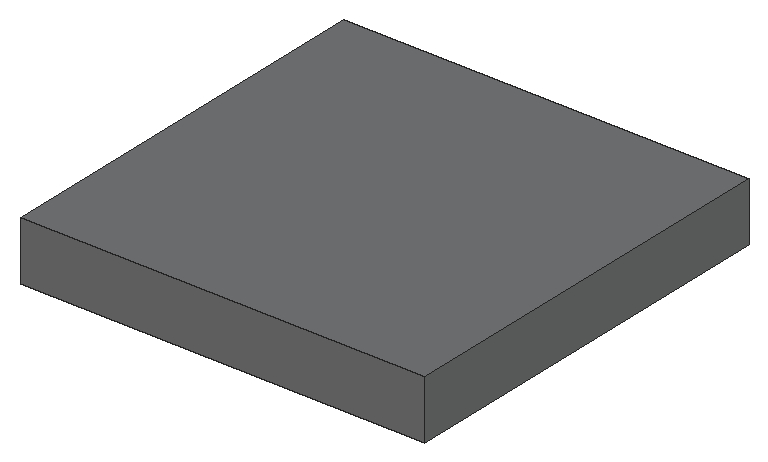
Revit family "Gira_028503", category Electrical Fixtures, host Face, Revit 2017
Family settings
  Host = Face
  Maintain Annotation Orientation = No
  Round Connector Dimension = Use Diameter
  Part Type = Normal
  Cut with Voids When Loaded = No
  Shared = No
  Room Calculation Point = No
Parameters (values of type "Rocker sym.light System 55 p.white")
  With exchangeable lens/symbol = "No"
  URL = "http://katalog.gira.de/en/datenblatt.html?artikelnr=028503"
  Suitable for touch sensor connector for bus system = "No"
  Scannable symbol / barrier free = "No"
  Name = "Rocker sym.light System 55 p.white"
  Monitoring window/light outlet = "No"
  Model = "Single rocker"
  Manufacturer URL = "https://www.gira.de/"
  Manufacturer = "Gira"
  Keynote = ""
  HeinzeBIM = "https://bimportal.heinze.de/bim/rocker-sym-light-system-55-p-white/ddb9814d0a9437ce44b1c4c4313ed79cf3a7cd77"
  HAN = "028503"
  GTIN = "4010337285038"
  Description = "Rock.sym.light Sys55 PW,Rocker with symbol,Light,pure white glossy,"
  Default Elevation = 1219.2 mm
  Data sheet (1) = "https://katalog.gira.de/en/download.html?artikelnr=028503"
  Category = "Control element/cover plate for domestic switching devices"
  BIM (1) = "https://media.stage.bim.site/public/gira/36a6b08/Sys55_Abdeckung_Schalten und Tasten.rfa?public/gira/36a6b08/Sys55_Abdeckung_Schalten und Tasten.rfa"
  Available = "No"
  Anthrazit [instance] = Anthrazit
Reference planes
  plane 1 "Center (Front/Back)": y = 0
  plane 2: z = 0
  plane 3 "Center (Left/Right)": x = 0
Forms (mm)
  Extrusion 1, solid, material "Anthrazit" <- "Anthrazit", detail levels fine
    sketch origin (0, 0, 0) x (1, 0, 0) y (0, 1, 0)
      loop
        line (-27.5, 27.5) -> (-27.5, -27.5) -> (27.5, -27.5) -> (27.5, 27.5) -> (-27.5, 27.5)
    from 0 to 8
  Extrusion 2, void
    sketch origin (0, 0, 0) x (1, 0, 0) y (0, 1, 0)
      loop
        line (26, 26) -> (-26, 26) -> (-26, -26) -> (26, -26) -> (26, 26)
    from 0 to 6
  Extrusion 3, solid, material "Anthrazit" <- "Anthrazit", detail levels medium
    sketch origin (0, 0, 0) x (1, 0, 0) y (0, 1, 0)
      loop
        line (-27.5, 27.5) -> (-27.5, -27.5) -> (27.5, -27.5) -> (27.5, 27.5) -> (-27.5, 27.5)
    from 0 to 8
  Extrusion 4, solid, material "Anthrazit" <- "Anthrazit", detail levels medium
    sketch origin (0, 0, 0) x (1, 0, 0) y (0, 1, 0)
      loop
        line (11, -17.5) -> (11, 17.5) -> (-11, 17.5) -> (-11, -17.5) -> (11, -17.5)
    from -6 to 6
  Extrusion 5, solid, material "Anthrazit" <- "Anthrazit", detail levels fine
    sketch origin (0, 0, 0) x (1, 0, 0) y (0, 1, 0)
      loop
        line (11, 17.5) -> (-11, 17.5) -> (-11, 16.5) -> (11, 16.5) -> (11, 17.5)
      loop
        line (-11, -16.5) -> (-11, -17.5) -> (11, -17.5) -> (11, -16.5) -> (-11, -16.5)
    from -4 to 6
  Extrusion 6, solid, material "Anthrazit" <- "Anthrazit", detail levels fine
    sketch origin (0, 0, 0) x (1, 0, 0) y (0, 1, 0)
      loop
        arc (5, 9.347) -> (0, 10.6) -> (-5, 9.347) r 10.6
        line (-5, 9.347) -> (-5, -9.347)
        arc (-5, -9.347) -> (0, -10.6) -> (5, -9.347) r 10.6
        line (5, -9.347) -> (5, 9.347)
    from -6 to 6
  Extrusion 7, solid, material "Anthrazit" <- "Anthrazit", detail levels coarse
    sketch origin (0, 0, 0) x (1, 0, 0) y (0, 1, 0)
      loop
        line (-27.5, 27.5) -> (-27.5, -27.5) -> (27.5, -27.5) -> (27.5, 27.5) -> (-27.5, 27.5)
    from -6 to 8
Cuts and joins
  Extrusion 2 cuts Extrusion 1
Dimensions and locks
  aligned and locked: plane 2 to host face
  aligned and locked: level to host face
